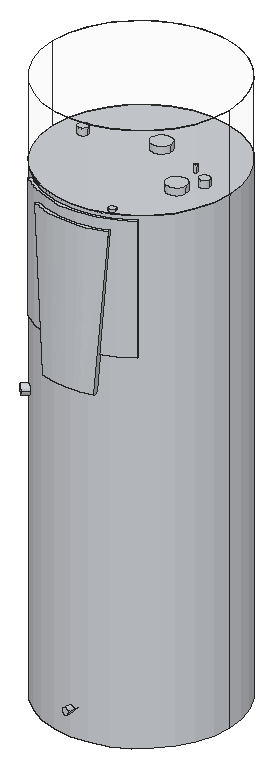
Revit family
Parameters (values of type "SNA151-100")
  water conn radius = 3/4"
  vent radius = 1 1/2"
  pipe length = tank radius - 12"  # 2"
  gas conn radius = 1/4"
  drain radius = 1/2"
  air inlet radius = 1 1/2"
  WATER CONN SIZE = water conn radius * 2  # 1 1/2"
  Voltage/Control = "24"
  Voltage = "120"
  Vent Offset From C/L = 4"
  VENT SIZE = vent radius * 2  # 3"
  Total Amps = "-"
  Top Clearance = 12"
  SES BIM Studio # = "201364901-53"
  URL = "http://www.lochinvar.com"
  RECOVERY (GPH) = "175"
  Model = "SNA151-100"
  Manufacturer = "Lochinvar"
  MODEL NO. = "SNA151-100"
  Elec Conn Offset from Back = 12"
  Elec Conn Offset From C/L = 5"
  Control Panel Radius1 = tank radius + 1/2"  # 14 1/2"
  Control Panel Radius2 = tank radius + 1"  # 15"
  Air Inlet Offset From Back = 17"
  Gas Conn Offset From Back = 12"
  GAS CONN SIZE = gas conn radius * 2  # 1/2"
  GALLON CAPACITY = "90"
  E_cond drain height = 59 1/2"
  DRAIN CONN SIZE = drain radius * 2  # 1"
  Cond Drain = tank radius + 1"  # 15"
  CONDENSATE DRAIN SIZE = 3/4"
  B_DIAMETER = tank radius * 2  # 28"
  INPUT RATE (BTUH) = "150,000"
  D_auxillary height = 44"
  A_HEIGHT = 75 1/2"
  FUEL TYPE = "NAT. GAS"
  Description = "Shield Condensing Commercial Water Heater"
  Fuel Type = ""
  tank radius = 14"
  AIR INLET SIZE = air inlet radius * 2  # 3"
  # of connections = "1"
Types (9): name | pipe length | gas conn radius | drain radius | Vent Offset From C/L | RECOVERY (GPH) | Model | MODEL NO. | Elec Conn Offset from Back | Elec Conn Offset From C/L | Control Panel Radius1 | Control Panel Radius2 | Air Inlet Offset From Back | Gas Conn Offset From Back | GAS CONN SIZE | GALLON CAPACITY | E_cond drain height | DRAIN CONN SIZE | Cond Drain | B_DIAMETER | INPUT RATE (BTUH) | D_auxillary height | A_HEIGHT | tank radius
  (no name) | 2" | 1/4" | 1/2" | 4" | "175" | "SNA151-100" | "SNA151-100" | 12" | 5" | 14 1/2" | 15" | 17" | 12" | 1/2" | "90" | 59 1/2" | 1" | 15" | 28" | "150,000" | 44" | 75 1/2" | 14"
  SNR126-065 | 2" | 1/4" | 3/8" | 8" | "145" | "SNR126-065" | "SNR126-065" | 12" | 5" | 14 1/2" | 15" | 8" | 16" | 1/2" | "65" | 45 1/4" | 3/4" | 15" | 28" | "125,000" | 29 1/2" | 60 1/4" | 14"
  SNR151-100 | 2" | 1/4" | 3/8" | 4" | "175" | "SNR151-100" | "SNR151-100" | 12" | 5" | 14 1/2" | 15" | 17" | 12" | 1/2" | "90" | 59 1/2" | 3/4" | 15" | 28" | "150,000" | 44" | 75 1/2" | 14"
  SNR201-100 | 2" | 1/4" | 3/8" | 6" | "233" | "SNR201-100" | "SNR201-100" | 12" | 5" | 14 1/2" | 15" | 16" | 12" | 1/2" | "90" | 59 1/2" | 3/4" | 15" | 28" | "199,000" | 44" | 75 1/2" | 14"
  SNA151-100 | 2" | 1/4" | 1/2" | 4" | "175" | "SNA151-100" | "SNA151-100" | 12" | 5" | 14 1/2" | 15" | 17" | 12" | 1/2" | "90" | 59 1/2" | 1" | 15" | 28" | "150,000" | 44" | 75 1/2" | 14"
  SNA201-100 | 2" | 1/4" | 3/8" | 6" | "233" | "SNA201-100" | "SNA201-100" | 12" | 5" | 14 1/2" | 15" | 16" | 12" | 1/2" | "90" | 59 1/2" | 3/4" | 15" | 28" | "199,000" | 44" | 75 1/2" | 14"
  SNA286-125 | 5" | 3/8" | 3/8" | 12" | "332" | "SNA286-125" | "SNA286-125" | 15" | 1" | 17 1/2" | 18" | 10" | 6" | 3/4" | "120" | 49" | 3/4" | 18" | 34" | "285.000" | 31" | 75 1/2" | 17"
  SNA401-125 | 5" | 1/2" | 3/8" | 12" | "465" | "SNA401-125" | "SNA401-125" | 15" | 1" | 17 1/2" | 18" | 22" | 28" | 1" | "120" | 49" | 3/4" | 18" | 34" | "399,000" | 31" | 75 1/2" | 17"
  SNA501-125 | 5" | 1/2" | 3/8" | 12" | "582" | "SNA501-125" | "SNA501-125" | 15" | 1" | 17 1/2" | 18" | 22" | 28" | 1" | "120" | 49" | 3/4" | 18" | 34" | "500,000" | 31" | 75 1/2" | 17"
Reference planes (in)
  plane 1 "Center (Front/Back)": y = 6.125
  plane 2: z = 0
  plane 3 "Center (Left/Right)": x = -1.39218
  plane 4 "Top": z = 75.5
  plane 5 "Top Clearance": z = 87.5
  plane 6 "Back": y = 20.125
  plane 7 "Cond Drain": through (-1.27084, 4.73812, 0) normal (-0.9962, -0.0872, 0)
  plane 8 "Cond Drain End": through (-16.12257, 2.38842, 0) normal (-0.9962, -0.0872, 0)
  plane 9 "Cond Drain C/L": through (-0.0053, 6.24634, 0) normal (0.0872, -0.9962, 0)
  plane 10: through (-1.98054, 4.86326, 0) normal (-0.9063, 0.4226, 0)
  plane 11: through (-0.40776, 5.14058, 0) normal (-0.7071, -0.7071, 0)
  plane 12 "Aux Drain End": through (-11.01436, -5.46602, 0) normal (-0.7071, -0.7071, 0)
  plane 13: y = -8.875
  plane 14 "Front": y = -7.875
Forms (in)
  Extrusion 1, solid
    sketch origin (0, 0, 0) x (1, 0, 0) y (0, 1, 0)
      loop
        circle (-1.39218, 6.125) r 14
    from 0 to 75.5
  Extrusion 2, solid, material "Clearance"
    sketch origin (0, 0, 75.5) x (-1, 0, 0) y (0, -1, 0)
      loop
        circle (1.39218, -6.125) r 14
    from 0 to 12
  Blend 3, solid
    base sketch origin (0.98025, 0.30904, 75.5) x (-0.986612, -0.163083, 0) y (0.163083, -0.986612, 0)
      loop
        arc (-5.10805, 6.27448) -> (3.67534, 7.68757) -> (11.53679, 3.52315) r 14
        line (11.53679, 3.52315) -> (11.8991, 3.86773)
        arc (11.8991, 3.86773) -> (3.75688, 8.18088) -> (-5.3402, 6.71732) r 14.5
        line (-5.3402, 6.71732) -> (-5.10805, 6.27448)
    top sketch origin (0.98025, 0.30904, 75.5) x (-0.986612, -0.163083, 0) y (0.163083, -0.986612, 0)
      loop
        arc (-5.10805, 6.27448) -> (3.67534, 7.68757) -> (11.53679, 3.52315) r 14
        line (11.53679, 3.52315) -> (11.8991, 3.86773)
        arc (11.8991, 3.86773) -> (3.75688, 8.18088) -> (-5.3402, 6.71732) r 14.5
        line (-5.3402, 6.71732) -> (-5.10805, 6.27448)
    from -19.84429 to -0.5
  Extrusion 4, solid
    sketch origin (-10, 1, 75.5) x (-1, 0, 0) y (0, -1, 0)
      loop
        circle (1.39218, -6.125) r 0.75
    from 0 to 1
  Extrusion 5, solid
    sketch origin (10, 0, 75.5) x (-1, 0, 0) y (0, -1, 0)
      loop
        circle (1.39218, -6.125) r 0.75
    from 0 to 1
  Extrusion 6, solid
    sketch origin (0, 8, 75.5) x (-1, 0, 0) y (0, -1, 0)
      loop
        circle (1.39218, -2.125) r 1.5
    from 0 to 1
  Extrusion 7, solid
    sketch origin (8, 6, 75.5) x (-1, 0, 0) y (0, -1, 0)
      loop
        circle (1.39218, 2.875) r 1.5
    from 0 to 1
  Extrusion 8, solid
    sketch origin (5, -12, 75.5) x (-1, 0, 0) y (0, -1, 0)
      loop
        circle (1.39218, -6.125) r 0.5
    from 0 to 0.25
  Extrusion 9, solid
    sketch origin (7, -2, 75.5) x (-1, 0, 0) y (0, -1, 0)
      loop
        circle (1.39218, -10.125) r 0.25
    from 0 to 1
  Extrusion 10, solid
    sketch origin (-1.27084, 4.73812, 0) x (0.087156, -0.996195, 0) y (0, 0, 1)
      loop
        circle (-1.39218, 59.5) r 0.5
    from 0 to 15
  Blend 11, solid
    base sketch origin (0, 0, 75.5) x (-1, 0, 0) y (0, -1, 0)
      loop
        arc (5.48465, 8.30593) -> (1.39218, 8.875) -> (-2.70029, 8.30593) r 15
        line (-2.70029, 8.30593) -> (-2.35794, 7.36339)
        arc (-2.35794, 7.36339) -> (1.39218, 7.875) -> (5.14229, 7.36339) r 14
        line (5.14229, 7.36339) -> (5.48465, 8.30593)
    top sketch origin (0, 0, 75.5) x (-1, 0, 0) y (0, -1, 0)
      loop
        line (6.83907, 6.77195) -> (7.26195, 7.67883)
        arc (7.26195, 7.67883) -> (1.39218, 8.875) -> (-4.47759, 7.67883) r 15
        line (-4.47759, 7.67883) -> (-4.05471, 6.77195)
        arc (-4.05471, 6.77195) -> (1.39218, 7.875) -> (6.83907, 6.77195) r 14
    from -25.51261 to -2
  Extrusion 12, solid
    sketch origin (-3.0682, 2.48014, 0) x (0.707107, -0.707107, 0) y (0, 0, 1)
      loop
        circle (-1.39218, 44) r 0.75
    from -3.76244 to 11.23756
  Extrusion 13, solid
    sketch origin (0, 2.36256, 0) x (1, 0, 0) y (0, 0, 1)
      loop
        circle (-1.39218, 4) r 0.5
    from -3.76244 to 11.23756
  Blend 14, void
    base sketch origin (0, -8.875, 50.25) x (1, 0, 0) y (0, 0, 1)
      loop
        line (-4.89336, 4.74992) -> (-4.89336, 2.42497)
        arc (-4.89336, 2.42497) -> (-4.84814, 2.28158) -> (-4.72886, 2.19005) r 0.25
        line (-4.72886, 2.19005) -> (-1.39218, 0.9756) -> (1.9454, 2.18162)
        arc (1.9454, 2.18162) -> (2.06145, 2.27181) -> (2.10536, 2.41207) r 0.24598
        line (2.10536, 2.41207) -> (2.10536, 4.74992) -> (-4.89336, 4.74992)
    top sketch origin (0, -8.875, 50.25) x (1, 0, 0) y (0, 0, 1)
      loop
        line (-4.64336, 4.49992) -> (-4.64336, 2.60019)
        arc (-4.64336, 2.60019) -> (-4.59808, 2.4567) -> (-4.47866, 2.36519) r 0.25
        line (-4.47866, 2.36519) -> (-1.38738, 1.24312) -> (1.69032, 2.35524)
        arc (1.69032, 2.35524) -> (1.80998, 2.44673) -> (1.85536, 2.59036) r 0.25
        line (1.85536, 2.59036) -> (1.85536, 4.49992) -> (-4.64336, 4.49992)
    from 0 to -1
Dimensions and locks (in)
  "A_HEIGHT": plane 4 "Top" to level
  "Top Clearance": plane 5 "Top Clearance" to plane 4 "Top"
  "tank radius": plane 1 "Center (Front/Back)" to plane 6 "Back"
  "Cond Drain": plane 8 "Cond Drain End" to plane 7 "Cond Drain"
  "E_cond drain height": Extrusion 10 sketch curve to Extrusion 1
  "Vent Offset From C/L": plane 1 "Center (Front/Back)" to Extrusion 6 sketch curve
  "Air Inlet Offset From Back": Extrusion 7 sketch curve to plane 6 "Back"
  "Gas Conn Offset From Back": Extrusion 9 sketch curve to plane 6 "Back"
  "Elec Conn Offset From C/L": plane 3 "Center (Left/Right)" to Extrusion 8 sketch curve
  "Elec Conn Offset from Back": Extrusion 8 sketch curve to plane 1 "Center (Front/Back)"
  "Cond Drain": plane 12 "Aux Drain End" to plane 11
  "D_auxillary height": Extrusion 12 sketch curve to Extrusion 1
  "Cond Drain": plane 1 "Center (Front/Back)" to plane 13
  locked: Extrusion 13 sketch curve to Extrusion 1 at 4
  "tank radius": plane 14 "Front" to plane 1 "Center (Front/Back)"
  Blend 14 to plane 13 = 1"
  "tank radius": radius of Extrusion 1 sketch curve
  "tank radius": radius of Extrusion 2 sketch curve
  "water conn radius": radius of Extrusion 4 sketch curve
  "water conn radius": radius of Extrusion 5 sketch curve
  "vent radius": radius of Extrusion 6 sketch curve
  "air inlet radius": radius of Extrusion 7 sketch curve
  "gas conn radius": radius of Extrusion 9 sketch curve
  "tank radius": radius of Blend 3 sketch curve  (x2)
  "Control Panel Radius1": radius of Blend 3 sketch curve  (x2)
  "tank radius": radius of Blend 11 sketch curve  (x2)
  "Control Panel Radius2": radius of Blend 11 sketch curve  (x2)
  "drain radius": radius of Extrusion 13 sketch curve
  "drain radius": radius of Extrusion 10 sketch curve
  aligned and locked: plane 4 "Top" to Extrusion 1
  aligned and locked: plane 5 "Top Clearance" to Extrusion 2
  aligned and locked: Extrusion 10 to plane 7 "Cond Drain"
  aligned and locked: plane 8 "Cond Drain End" to Extrusion 10
  aligned and locked: plane 12 "Aux Drain End" to Extrusion 12
  aligned and locked: plane 13 to Extrusion 13
  aligned: Blend 14 to plane 14 "Front"
Automatic sketch dimensions
  plane 1 "Center (Front/Back)" to Extrusion 1 sketch curve = 0"
  Extrusion 1 sketch curve to plane 3 "Center (Left/Right)" = 0"
  plane 1 "Center (Front/Back)" to Extrusion 2 sketch curve = 0"
  Extrusion 2 sketch curve to plane 3 "Center (Left/Right)" = 0"
  Extrusion 4 sketch curve to plane 1 "Center (Front/Back)" = 1"
  Extrusion 4 sketch curve to plane 3 "Center (Left/Right)" = 10"
  plane 1 "Center (Front/Back)" to Extrusion 5 sketch curve = 0"
  plane 3 "Center (Left/Right)" to Extrusion 5 sketch curve = 10"
  Extrusion 6 sketch curve to plane 3 "Center (Left/Right)" = 0"
  plane 3 "Center (Left/Right)" to Extrusion 7 sketch curve = 8"
  plane 3 "Center (Left/Right)" to Extrusion 9 sketch curve = 7"
  Extrusion 10 sketch curve to plane 9 "Cond Drain C/L" = 0"
  Blend 11 sketch curve to Blend 11 sketch curve = 0"  (x4)
  plane 1 "Center (Front/Back)" to Blend 11 sketch curve = 0"  (x2)
  Blend 11 sketch curve to plane 3 "Center (Left/Right)" = 0"  (x2)
  Blend 11 sketch curve to plane 14 "Front" = 0.51161"  (x2)
  plane 14 "Front" to Blend 11 sketch curve = 0.43093"  (x2)
  Extrusion 13 sketch curve to plane 3 "Center (Left/Right)" = 0"
  Blend 14 sketch curve to plane 3 "Center (Left/Right)" = 0"
  Blend 14 sketch curve to plane 3 "Center (Left/Right)" = 3.25118"  (x2)
  Blend 14 sketch curve to Blend 14 sketch curve = 0.08551"
  Blend 14 sketch curve to Blend 14 sketch curve = 1/4"  (x2)
  plane 3 "Center (Left/Right)" to Blend 14 sketch curve = 3.25156"
  Blend 14 sketch curve to Blend 14 sketch curve = 0.08602"
  Blend 14 sketch curve to Blend 14 sketch curve = 0.24598"
  Blend 14 sketch curve to plane 4 "Top" = 24.2744"
  Blend 14 sketch curve to Blend 14 sketch curve = 1.20603"
  Blend 14 sketch curve to Blend 14 sketch curve = 1.21445"
  Blend 14 sketch curve to Blend 14 sketch curve = 2.33785"
  Blend 14 sketch curve to Blend 14 sketch curve = 0.1647"
  Blend 14 sketch curve to Blend 14 sketch curve = 0.0853"
  plane 3 "Center (Left/Right)" to Blend 14 sketch curve = 0.0048"
  plane 3 "Center (Left/Right)" to Blend 14 sketch curve = 2.99754"
  Blend 14 sketch curve to Blend 14 sketch curve = 0.08496"
  Blend 14 sketch curve to plane 4 "Top" = 24.00688"
  Blend 14 sketch curve to Blend 14 sketch curve = 1.11212"
  Blend 14 sketch curve to Blend 14 sketch curve = 1.12207"
  Blend 14 sketch curve to Blend 14 sketch curve = 1.90956"
  Blend 11 sketch curve to plane 14 "Front" = 1.10305"  (x2)
  Blend 11 sketch curve to plane 14 "Front" = 0.19617"  (x2)
  Blend 3 sketch curve to Blend 3 sketch curve = 0"  (x4)
  plane 1 "Center (Front/Back)" to Blend 3 sketch curve = 0"  (x2)
  Blend 3 sketch curve to plane 3 "Center (Left/Right)" = 0"  (x2)
  Blend 3 sketch curve to Blend 3 sketch curve = 6.50023"  (x2)
  Blend 3 sketch curve to Blend 3 sketch curve = 0.23215"  (x2)
  Blend 3 sketch curve to Blend 3 sketch curve = 10.14461"  (x2)
  Blend 3 sketch curve to Blend 3 sketch curve = 0.36231"  (x2)
  radius of Extrusion 8 sketch curve = 1/2"
  radius of Extrusion 12 sketch curve = 3/4"
Connectors (in)
  piping at (-11.39218, 7.125, 76.5), driven by "water conn radius"
    settings: on Extrusion 4, index 1, connector radius 3/4", flow factor 0, pipe flow 0 GPM, pressure drop 0.00 psi, fitting loss kfactor 0, connector angle 0.00°, fixture units 0, flow configuration 1, flow direction 1, fitting loss method 0, system type 20, connector reference index -1, connector utility 0, adjustable connector no, is connector primary yes, fitting loss table "", connector description "Water Inlet"
  piping at (8.60782, 6.125, 76.5), driven by "water conn radius"
    settings: on Extrusion 5, index 2, connector radius 3/4", flow factor 0, pipe flow 0 GPM, pressure drop 0.00 psi, fitting loss kfactor 0, connector angle 0.00°, fixture units 0, flow configuration 1, flow direction 2, fitting loss method 0, system type 19, connector reference index -1, connector utility 0, adjustable connector no, is connector primary no, fitting loss table "", connector description "Water Outlet"
  hvac at (-1.39218, 10.125, 76.5), driven by "vent radius"
    settings: on Extrusion 6, index 3, duct flow 0 CFM, flow factor 0, pres drop 0.00 in-wg, loss coef 0, conn angle 0.00°, conn width 12", conn height 12", conn radius 1 1/2", duct sys type 3, conn prof type 0, flow config 1, flow direction 2, loss method 0, conn ref index -1, conn util no, is conn primary yes, conn desc "Flue"
  hvac at (6.60782, 3.125, 76.5), driven by "air inlet radius"
    settings: on Extrusion 7, index 4, duct flow 0 CFM, flow factor 0, pres drop 0.00 in-wg, loss coef 0, conn angle 0.00°, conn width 12", conn height 12", conn radius 1 1/2", duct sys type 1, conn prof type 0, flow config 1, flow direction 1, loss method 0, conn ref index -1, conn util no, is conn primary no, conn desc "Air Inlet"
  electrical at (3.60782, -5.875, 75.75)
    settings: on Extrusion 8, index 5, voltage 0 V, apparent load 0 VA, apparent load phase1 0 VA, apparent load phase2 0 VA, apparent load phase3 0 VA, power factor 1, load classification "Other", number of poles 1, system type 31, power factor state 1, is connector primary yes, connector utility no, sub classification motor no, connector description "Line Voltage"
  piping at (5.60782, 8.125, 76.5), driven by "gas conn radius"
    settings: on Extrusion 9, index 6, connector radius 1/4", flow factor 0, pipe flow 0 GPM, pressure drop 0.00 psi, fitting loss kfactor 0, connector angle 0.00°, fixture units 0, flow configuration 1, flow direction 1, fitting loss method 0, system type 22, connector reference index -1, connector utility 0, adjustable connector no, is connector primary no, fitting loss table "", connector description "Gas Conn"
  piping at (-16.3351, 4.81766, 59.5), driven by "drain radius"
    settings: on Extrusion 10, index 7, connector radius 1/2", flow factor 0, pipe flow 0 GPM, pressure drop 0.00 psi, fitting loss kfactor 0, connector angle 0.00°, fixture units 0, flow configuration 0, flow direction 2, fitting loss method 0, system type 16, connector reference index -1, connector utility 0, adjustable connector no, is connector primary no, fitting loss table "", connector description "Cond Drain"
  piping at (-1.39218, -8.875, 4), driven by "drain radius"
    settings: on Extrusion 13, index 8, connector radius 1/2", flow factor 0, pipe flow 0 GPM, pressure drop 0.00 psi, fitting loss kfactor 0, connector angle 0.00°, fixture units 0, flow configuration 0, flow direction 0, fitting loss method 0, system type 7, connector reference index -1, connector utility 0, adjustable connector no, is connector primary no, fitting loss table "", connector description ""
